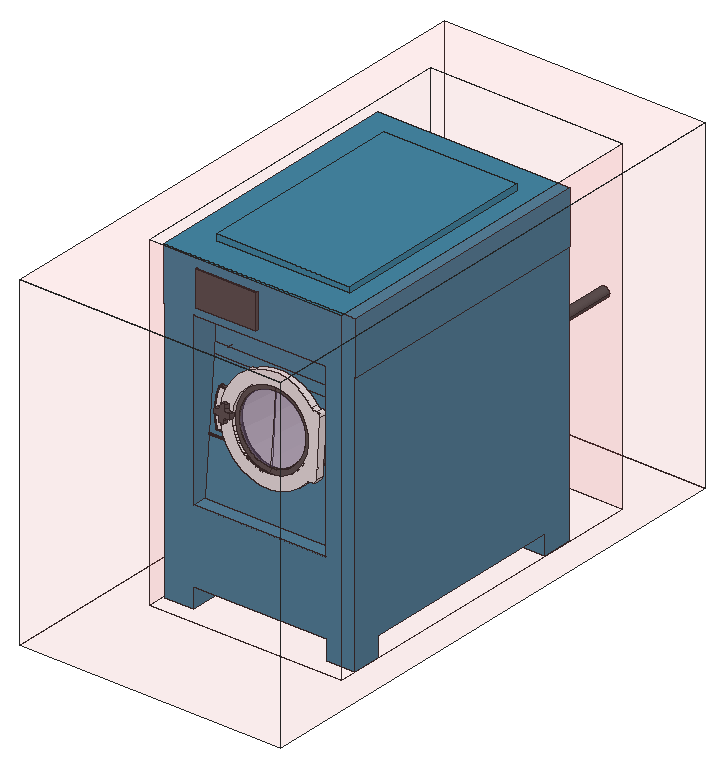
Revit family "Washer_Milnor_60lb-Capacity_MWF27", category Mechanical Equipment, Revit 2022
Family settings
  Round Connector Dimension = Use Diameter
  Part Type = Normal
  OmniClass Number = 23.45.70.11.14.11
  OmniClass Title = Washing Machines
  Work Plane-Based = Yes
  Always vertical = No
  Cut with Voids When Loaded = No
  Maintain Annotation Orientation = No
  Shared = No
  Room Calculation Point = No
Parameters (values of type "mwf27jab2014045d")
  doorgas = Door Opening + 0' 2 1/2"  # 1' - 6"
  Warranty Duration (Years) = 5
  Voltage_MEP = 44.5935 V
  Vibration Frequency = 0
  Unit Width = 3' - 3"
  Unit Weight = 1851
  Unit Height = 5' - 5 1/2"
  Unit Depth = 5' - 10 5/8"
  URL = "http://www.milnor.com/"
  Suspension Type = "Suspended"
  Standard Soap Chute = no
  Specification = "https://www.arcat.com/sd/clients/pellerin.html"
  SpecWizard = "https://www.arcat.com/specwizard/11110pmc/index04.htm"
  Send Message = "http://www.arcat.com/users.pl?action=UserEmail&company=Pellerin+Milnor+Corp.&coid=34740&rep=108&fax=504-468-3094&mf="
  Sales Information = "http://www.milnor.com/contact_us.aspx"
  Revision = "R1_08-2018"
  Product Properties = "https://www.arcat.com/arcatcos/cos34/arc34740.html"
  Product Data = "http://www.arcat.com/arcatcos/cos34/arc34740.html"
  Phase = 3
  Number of Poles = 1
  Model = "mwf27jab2014045d"
  Manufacturer Website = "http://www.milnor.com/"
  Manufacturer Phone - Toll Free = "800-469-8780"
  Manufacturer Phone = "504-467-9591"
  Manufacturer Fax = "504-468-3094"
  Manufacturer Address = "700 Jackson St.   Kenner, LA 70062"
  Manufacturer = "Pellerin Milnor Corp"
  Maintenance Schedule (Months) = 0
  MEP Amperage = 18.5 A
  Keynote = "11110"
  Interior Finish [instance] = Metal - Stainless Steel - Milnor - as Specified
  Installation-Fabrication = "https://www.arcat.com/catalogs/pellerin/pellerin.html"
  Installation Phase = ""
  Green Building-LEED = "https://www.arcat.com/green/green_building.shtml"
  Frequency = 60 Hz
  Extraction G-Force = "300 Gs"
  Expected Lifespan (Years) = 12
  Dynamic Load = 0.00 kip
  Drawn By = "Sumex Design, Inc. / Robert S. Weygant, CSI, CDT, SCIP"
  Door Opening = 1' - 3 1/2"
  Door Opening Depth = 1' - 5 3/4"
  Door Glazing [instance] = Glazing - Milnor - as Specified
  Door Finish [instance] = Metal - Stainless Steel - Milnor - Powder Coat as Specified
  Clearance Visible [instance] = yes
  Cabinet Front Doodads [instance] = Paint - Milnor - Black
  Description = "Milnor Commercial Washer Extractor"
  Default Elevation = 4' - 0"
  Cylinder Volume = 0.00 CF
  Cylinder Diameter = 2' - 6"
  Cylinder Depth = 1' - 10"
  Door Base from FF = 2' - 3 3/4"
  Copyright = "©Arcat Inc."
  Construction Details = "https://www.arcat.com/catalogs/pellerin/pellerin.html"
  Capacity = "60 lb"
  Cabinet Finish [instance] = Paint - Milnor - Blue
  Assembly Code = "E1010610"
  5 Compartment Supply = yes
Reference planes (in)
  plane 1 "Center (Front/Back)": y = 0
  plane 2 "Bottom": z = 0
  plane 3 "Center (Left/Right)": x = 0
  plane 4 "Front": y = -35.3125
  plane 5 "Back": y = 35.3125
  plane 6 "Left": x = -19.5
  plane 7 "Right": x = 19.5
  plane 8 "Top": z = 65.5
  plane 9: y = -53.0625
  plane 10: z = 27.75
  plane 11: y = 24.6875
  plane 12: x = -20.5
  plane 13: z = 78.98252
  plane 14: y = -28.3125
  plane 15: y = 2.95881
  plane 16: z = 70.35752
  plane 17: x = -15.875
  plane 18: x = 15.875
  plane 19: y = -25.35369
  plane 20: y = -4.58498
Forms (in)
  Extrusion 1, solid, material "Paint - Milnor - Blue" <- "Cabinet Finish"
    sketch origin (0, 0, 0) x (1, 0, 0) y (0, 0, 1)
      loop
        line (-19.5, 64.35752) -> (-19.5, 53.60752) -> (-19.1875, 53.60752) -> (-19.1875, 4) -> (19.1875, 4) -> (19.1875, 53.60752) -> (19.5, 53.60752) -> (19.5, 64.35752) -> (-19.5, 64.35752)
      loop
        line (-13.35373, 53.60752) -> (-13.35373, 19) -> (13.39627, 19) -> (13.39627, 53.60752) -> (-13.35373, 53.60752)
    from -21.95881 to 32.32761
  Extrusion 2, solid, material "Paint - Milnor - Blue" <- "Cabinet Finish"
    sketch origin (0, 0, 0) x (0, 1, 0) y (0, 0, 1)
      loop
        line (-30.5625, 6.82843) -> (21.95881, 6.82843) -> (21.95881, 15.82843) -> (21.19399, 15.82843) -> (21.19399, 53.60752) -> (-27.18521, 53.60752) -> (-27.18521, 46.47883)
        arc (-27.18521, 46.47883) -> (-27.20806, 45.43197) -> (-27.27654, 44.3871) r 24
        line (-27.27654, 44.3871) -> (-30.5625, 6.82843)
    from -15.22873 to 15.27127
  Extrusion 3, solid, material "Metal - Stainless Steel - Milnor - Powder Coat as Specified" <- "Door Finish"
    sketch origin (0, -30.5625, 6.82843) x (0, 0.087156, 0.996195) y (-1, 0, 0)
      loop
        circle (29.17799, 0) r 7.75
      loop
        arc (34.67948, -9.62729) -> (35.16456, -9.42637) -> (35.36549, -8.94129) r 0.68601
        line (35.36549, -8.94129) -> (35.36549, -8.65149)
        arc (35.36549, -8.65149) -> (35.47478, -8.19692) -> (35.77875, -7.84171) r 1
        arc (35.77875, -7.84171) -> (29.17799, 10.25) -> (22.57722, -7.84171) r 10.25
        arc (22.57722, -7.84171) -> (22.8812, -8.19692) -> (22.99049, -8.65149) r 1
        line (22.99049, -8.65149) -> (22.99049, -8.93979)
        arc (22.99049, -8.93979) -> (23.19185, -9.42593) -> (23.67799, -9.62729) r 0.6875
        line (23.67799, -9.62729) -> (34.67948, -9.62729)
    from 0 to 1.5
  Revolve 4, void
    sketch origin (0, 0, 0) x (0, 1, 0) y (0, 0, 1)
      loop
        line (-29.01567, 35.98254) -> (-5.35604, 33.91259) -> (-4.04871, 48.85551) -> (-25.96499, 50.77294) -> (-26.59687, 43.55053) -> (-28.34021, 43.70305) -> (-29.01567, 35.98254)
      axis (-29.01567, 35.98254) -> (-5.35604, 33.91259)
    angle from 0 to 360
  Extrusion 5, solid, material "Paint - Milnor - Black" <- "Cabinet Front Doodads"
    sketch origin (0, -32.32761, 0) x (1, 0, 0) y (0, 0, 1)
      loop
        line (-12.76387, 62.23611) -> (-12.76387, 55.23611) -> (-0.51387, 55.23611) -> (-0.51387, 62.23611) -> (-12.76387, 62.23611)
    from 0 to 0.33794
  Revolve 6, solid, material "Paint - Milnor - Black" <- "Cabinet Front Doodads"
    sketch origin (0, 0, 0) x (0, 1, 0) y (0, 0, 1)
      loop
        line (-27.84211, 43.65947) -> (-28.34021, 43.70305) -> (-28.42736, 42.70686) -> (-27.92927, 42.66328) -> (-27.84211, 43.65947)
      axis (-29.01567, 35.98254) -> (-28.51757, 35.93896)
    angle from 0 to 360
  Revolve 7, solid, material "Glazing - Milnor - as Specified" <- "Door Glazing"
    sketch origin (0, 0, 0) x (0, 1, 0) y (0, 0, 1)
      loop
        line (-28.51757, 35.93896) -> (-27.92927, 42.66328) -> (-28.30284, 42.69596) -> (-28.89114, 35.97165) -> (-28.51757, 35.93896)
      axis (-28.89114, 35.97165) -> (-28.51757, 35.93896)
    angle from 0 to 360
  Extrusion 8, solid, material "Paint - Milnor - Black"
    sketch origin (0, 0, 12) x (1, 0, 0) y (0, 0, 1)
      loop
        circle (15.8125, 26.25) r 0.375
      loop
        circle (15.8125, 22.125) r 0.375
      loop
        circle (15.8125, 18) r 0.375
      loop
        circle (15.8125, 13.875) r 0.375
      loop
        circle (15.8125, 8.875) r 0.375
    from -23.69767 to -21.19399
  Extrusion 9, solid, material "Paint - Milnor - Black"
    sketch origin (0, 0, 0) x (1, 0, 0) y (0, 0, 1)
      loop
        circle (-8, 10.6875) r 1.5
      loop
        circle (0, 37.95275) r 1.5
    from -23.69767 to -21.19399
  Extrusion 10, solid, material "Paint - Milnor - Black"
    sketch origin (0, 0, 12) x (1, 0, 0) y (0, 0, 1)
      loop
        circle (15.8125, 26.25) r 1
    from -35.3125 to -23.69767
  Extrusion 11, solid, material "Paint - Milnor - Black"
    sketch origin (0, 0, 0) x (1, 0, 0) y (0, 0, 1)
      loop
        circle (-17.625, 46.25) r 0.25
    from -21.95881 to -21.19399
  Extrusion 12, solid, material "Paint - Milnor - Black" <- "Cabinet Front Doodads", visible <- "5 Compartment Supply"
    sketch origin (0, 0, 0) x (0, 1, 0) y (0, 0, 1)
      loop
        line (-14.3125, 63.37839) -> (-14.3125, 55.37839) -> (2.25, 55.37839) -> (2.25, 63.37839) -> (-14.3125, 63.37839)
    from -19.5 to -19.68506
  Extrusion 13, solid, material "Paint - Milnor - Black" <- "Cabinet Front Doodads", visible <- "5 Compartment Supply"
    sketch origin (0, 3.55011, 1.0699) x (0, 1, 0) y (0, 0, 1)
      loop
        line (-11.8125, 61.16621) -> (-11.8125, 60.15664) -> (-7.35021, 60.15664) -> (-7.35021, 61.16621) -> (-11.8125, 61.16621)
    from -19.87858 to -19.68506
  Extrusion 14, solid, material "ARCAT Clearance", visible <- "Clearance Visible"
    sketch origin (-12.17672, -11.84008, 0) x (1, 0, 0) y (0, 1, 0)
      loop
        line (-15.26078, 60.65258) -> (-15.26078, -46.97242) -> (37.67672, -46.97242) -> (37.67672, 60.65258) -> (-15.26078, 60.65258)
      loop
        line (-7.32328, -24.00367) -> (31.67672, -24.00367) -> (31.67672, 47.15258) -> (-7.32328, 47.15258) -> (-7.32328, -24.00367)
    from 0 to 66.5
  Extrusion 15, solid, material "Paint - Milnor - Black"
    sketch origin (8.90408, -5.63596, 63.30195) x (-0.707107, 0.118069, 0.69718) y (-0.704416, -0.031688, -0.70908)
      loop
        line (-8.199, 34.28851) -> (-8.67775, 33.80976)
        arc (-8.67775, 33.80976) -> (-9.0313, 33.66332) -> (-9.38485, 33.80976) r 0.5
        line (-9.38485, 33.80976) -> (-9.8636, 34.28851)
        arc (-9.8636, 34.28851) -> (-10.26874, 33.98654) -> (-10.57071, 33.5814) r 1.75
        line (-10.57071, 33.5814) -> (-10.09196, 33.10266)
        arc (-10.09196, 33.10266) -> (-9.94551, 32.7491) -> (-10.09196, 32.39555) r 0.5
        line (-10.09196, 32.39555) -> (-10.57071, 31.9168)
        arc (-10.57071, 31.9168) -> (-10.26874, 31.51167) -> (-9.8636, 31.2097) r 1.75
        line (-9.8636, 31.2097) -> (-9.38485, 31.68844)
        arc (-9.38485, 31.68844) -> (-9.0313, 31.83489) -> (-8.67775, 31.68844) r 0.5
        line (-8.67775, 31.68844) -> (-8.199, 31.2097)
        arc (-8.199, 31.2097) -> (-7.79386, 31.51167) -> (-7.49189, 31.9168) r 1.75
        line (-7.49189, 31.9168) -> (-7.97064, 32.39555)
        arc (-7.97064, 32.39555) -> (-8.11709, 32.7491) -> (-7.97064, 33.10266) r 0.5
        line (-7.97064, 33.10266) -> (-7.49189, 33.5814)
        arc (-7.49189, 33.5814) -> (-7.79386, 33.98654) -> (-8.199, 34.28851) r 1.75
    from 22.02176 to 22.875
  Revolve 16, solid, material "Paint - Milnor - Black"
    sketch origin (0.5435, -30.0746, -0.55067) x (1, 0, 0) y (0, 0, 1)
      loop
        line (11.67473, 36.02686) -> (12.89396, 36.02686) -> (12.89396, 37.27686) -> (11.67473, 37.27686) -> (11.67473, 36.02686)
      axis (12.89396, 36.02686) -> (11.67473, 36.02686)
    angle from 0 to 360
  Extrusion 17, solid, material "Metal - Stainless Steel - Milnor - Powder Coat as Specified" <- "Door Finish"
    sketch origin (0, -2.64076, -2.32665) x (1, 0, 0) y (0, 0.081181, 0.996699)
      loop
        line (-9.60373, 32.23178) -> (-9.60373, 31.18742)
        arc (-9.60373, 31.18742) -> (-9.75017, 30.83387) -> (-10.10373, 30.68742) r 0.5
        line (-10.10373, 30.68742) -> (-13.35373, 30.68742) -> (-13.35373, 30.43742) -> (-10.10373, 30.43742)
        arc (-10.10373, 30.43742) -> (-9.5734, 30.65709) -> (-9.35373, 31.18742) r 0.75
        line (-9.35373, 31.18742) -> (-9.35373, 32.23178) -> (-9.60373, 32.23178)
    from 28.4349 to 28.664
  Extrusion 18, solid, material "Paint - Milnor - Black" <- "Cabinet Front Doodads"
    sketch origin (0.1258, -10.17811, 1.47739) x (1, 0, 0) y (0, 0.087156, 0.996195)
      loop
        line (-9.58301, 36.55903) -> (-11.18344, 36.55903)
        arc (-11.18344, 36.55903) -> (-11.33015, 36.51146) -> (-11.42102, 36.38685) r 0.25
        arc (-11.42102, 36.38685) -> (-12.00157, 32.7491) -> (-11.42102, 29.11136) r 11.68741
        arc (-11.42102, 29.11136) -> (-11.33015, 28.98675) -> (-11.18344, 28.93918) r 0.25
        line (-11.18344, 28.93918) -> (-9.58301, 28.93918)
        arc (-9.58301, 28.93918) -> (-9.60759, 29.0016) -> (-9.63177, 29.06418) r 10.3126
        line (-9.63177, 29.06418) -> (-11.18344, 29.06418)
        arc (-11.18344, 29.06418) -> (-11.2568, 29.08796) -> (-11.30223, 29.15027) r 0.125
        arc (-11.30223, 29.15027) -> (-11.87657, 32.7491) -> (-11.30223, 36.34794) r 11.56241
        arc (-11.30223, 36.34794) -> (-11.2568, 36.41025) -> (-11.18344, 36.43403) r 0.125
        line (-11.18344, 36.43403) -> (-9.63177, 36.43403)
        arc (-9.63177, 36.43403) -> (-9.60759, 36.49661) -> (-9.58301, 36.55903) r 10.3126
    from 20.77469 to 21.77823
  Extrusion 19, solid, material "Metal - Stainless Steel - Milnor - Powder Coat as Specified" <- "Door Finish"
    sketch origin (0.1258, -10.17811, 1.47739) x (1, 0, 0) y (0, 0.087156, 0.996195)
      loop
        line (-9.63177, 36.43403) -> (-11.18344, 36.43403)
        arc (-11.18344, 36.43403) -> (-11.2568, 36.41025) -> (-11.30223, 36.34794) r 0.125
        arc (-11.30223, 36.34794) -> (-11.87657, 32.7491) -> (-11.30223, 29.15027) r 11.56241
        arc (-11.30223, 29.15027) -> (-11.2568, 29.08796) -> (-11.18344, 29.06418) r 0.125
        line (-11.18344, 29.06418) -> (-9.63177, 29.06418)
        arc (-9.63177, 29.06418) -> (-10.3126, 32.7491) -> (-9.63177, 36.43403) r 10.3126
    from 20.77469 to 21.77823
  Extrusion 20, solid, material "Paint - Milnor - Blue" <- "Cabinet Finish"
    sketch origin (0, 0, 0) x (1, 0, 0) y (0, 1, 0)
      loop
        line (-13.5, -32.32761) -> (-13.5, -26.32761) -> (-19.1875, -26.32761) -> (-19.1875, -32.32761) -> (-13.5, -32.32761)
      loop
        line (13.5, -32.32761) -> (19.1875, -32.32761) -> (19.1875, -26.32761) -> (13.5, -26.32761) -> (13.5, -32.32761)
      loop
        line (-13.5, 21.95881) -> (-19.1875, 21.95881) -> (-19.1875, 15.95881) -> (-13.5, 15.95881) -> (-13.5, 21.95881)
      loop
        line (13.5, 21.95881) -> (13.5, 15.95881) -> (19.1875, 15.95881) -> (19.1875, 21.95881) -> (13.5, 21.95881)
    from 0 to 4
  Extrusion 21, solid, material "Paint - Milnor - Black" <- "Cabinet Front Doodads", visible <- "Standard Soap Chute"
    sketch origin (1.3125, 0, 0) x (0, 1, 0) y (0, 0, 1)
      loop
        line (-1.71125, 63.37839) -> (-1.71125, 55.37839) -> (6.28875, 55.37839) -> (6.28875, 63.37839) -> (-1.71125, 63.37839)
    from -20.8125 to -21.04456
  Extrusion 22, solid, material "Paint - Milnor - Black" <- "Cabinet Front Doodads", visible <- "Standard Soap Chute"
    sketch origin (1.3125, 0, 0) x (0, 1, 0) y (0, 0, 1)
      loop
        line (-0.8303, 62.30849) -> (-0.8303, 59.55849) -> (5.4197, 59.55849) -> (5.4197, 62.30849) -> (-0.8303, 62.30849)
    from -21.24259 to -21.04456
  Extrusion 23, solid, material "Paint - Milnor - Blue" <- "Cabinet Finish"
    sketch origin (0, 0, 0) x (1, 0, 0) y (0, 1, 0)
      loop
        line (-13.5, 15.95881) -> (-13.5, -26.32761) -> (13.5, -26.32761) -> (13.5, 15.95881) -> (-13.5, 15.95881)
    from 64.35752 to 65.5
Cuts and joins
  Revolve 4 cuts Extrusion 1
  Revolve 4 cuts Extrusion 2
  joined: Extrusion 1, Extrusion 2, Extrusion 20
  Revolve 4 cuts Extrusion 3
Lines and regions (in)
  symbolic lines, style "MechanicalEquipmentHiddenLines"
    curve 1: line (11.5, -53.0625, 0) -> (11.5, -31.0625, 0)
    curve 2: line (0, -32.8125, 61.73611) -> (0, -58.8125, 61.73611)
    curve 3: line (0, -58.8125, 61.73611) -> (0, -58.8125, 52.73611)
    curve 4: line (0, -58.8125, 52.73611) -> (0, -32.32761, 52.73611)
    curve 5: spline (0, -36.97355, 46.32551) -> (0, -40.70711, 46.97905) -> (0, -44.45902, 46.43981) -> (0, -47.85487, 44.76159) -> (0, -50.55581, 42.11186) -> (0, -52.29228, 38.75505) -> (0, -52.89103, 35.02612) -> (0, -52.29228, 31.29719) -> (0, -50.55581, 27.94038) -> (0, -47.85487, 25.29065) -> (0, -44.45902, 23.61243) -> (0, -40.70711, 23.07319) -> (0, -36.97355, 23.72673)
    curve 6: line (0, -28.01947, 43.24473) -> (0, -36.97355, 46.32551)
    curve 7: line (0, -28.01947, 27.67678) -> (0, -36.97355, 23.596)
    curve 8: spline (0, -40.89103, 27.30561) -> (0, -42.89688, 27.56868) -> (0, -44.76603, 28.33996) -> (0, -46.37111, 29.5669) -> (0, -47.60272, 31.16586) -> (0, -48.37695, 33.0279) -> (0, -48.64103, 35.02612) -> (0, -48.37695, 37.02433) -> (0, -47.60272, 38.88637) -> (0, -46.37111, 40.48534) -> (0, -44.76603, 41.71228) -> (0, -42.89688, 42.48356) -> (0, -40.89103, 42.74663)
    curve 9: spline (0, -40.89103, 42.74663) -> (0, -38.88518, 42.48356) -> (0, -37.01603, 41.71228) -> (0, -35.41095, 40.48534) -> (0, -34.17933, 38.88637) -> (0, -33.4051, 37.02433) -> (0, -33.14103, 35.02612) -> (0, -33.4051, 33.0279) -> (0, -34.17933, 31.16586) -> (0, -35.41095, 29.5669) -> (0, -37.01603, 28.33996) -> (0, -38.88518, 27.56868) -> (0, -40.89103, 27.30561)
    curve 10: line (0, 48.8125, 44) -> (0, 48.8125, 61)
    curve 11: line (0, 48.8125, 61) -> (0, 21.95881, 61)
    curve 12: line (0, 48.8125, 44) -> (0, 21.95881, 44)
    curve 13: arc (11.5, -53.0625, 0) -> (-6, -45.81376, 0) -> (-13.24874, -28.31376, 0) r 24.74874
    curve 14: line (-11.4375, 21.19399, 0) -> (-11.4375, 48.8125, 0)
    curve 15: arc (-11.4375, 48.8125, 0) -> (7.65438, 40.90438, 0) -> (15.5625, 21.8125, 0) r 27
Dimensions and locks (in)
  equal spacing: plane 6 "Left", plane 3 "Center (Left/Right)", plane 7 "Right"
  "Unit Width": plane 6 "Left" to plane 7 "Right"
  equal spacing: plane 5 "Back", plane 1 "Center (Front/Back)", plane 4 "Front"
  "Unit Depth": plane 5 "Back" to plane 4 "Front"
  "Unit Height": plane 8 "Top" to level
  "Door Opening Depth": plane 4 "Front" to plane 9
  "Door Base from FF": plane 10 to level
  Extrusion 8 sketch curve to level = 3' - 2 1/4"
  Extrusion 8 sketch curve to level = 2' - 10 1/8"
  Extrusion 8 sketch curve to level = 2' - 6"
  plane 3 "Center (Left/Right)" to Extrusion 11 sketch curve = 1' - 5 5/8"
  Extrusion 11 sketch curve to level = 3' - 10 1/4"
  locked: plane 14 to plane 4 "Front" at 7
  locked: plane 11 to plane 15 at 21.72869
  locked: plane 17 to plane 6 "Left" at 3.625
  locked: plane 18 to plane 7 "Right" at 3.625
  locked: plane 13 to plane 16 at 8.625
  locked: plane 16 to cut or joined group of Extrusion 1, Extrusion 2, Revolve 4, Extrusion 20 at 6
  locked: plane 19 to plane 14 at 2.95881
  locked: plane 15 to plane 20 at 7.54378
  Extrusion 20 to curve 3 = 2' - 2.48489"
  aligned and locked: plane 5 "Back" to Extrusion 14 sketch curve
  aligned and locked: Extrusion 20 to level
  aligned and locked: plane 6 "Left" to Extrusion 12
Automatic sketch dimensions
  curve 1 to plane 9 = 0' - 0"
  curve 15 to plane 17 = 0' - 4 7/16"
  curve 13 to plane 14 = 0' - 0.00126"
  curve 13 to plane 18 = 0' - 4 3/8"
  plane 11 to curve 15 = 0' - 2 7/8"
  plane 5 "Back" to curve 14 = 1' - 1 1/2"
  curve 1 to curve 13 = 0' - 2.74874"
  curve 14 to curve 15 = 0' - 0.61851"
  curve 6 to plane 4 "Front" = 0' - 1.66105"
  plane 5 "Back" to curve 10 = 1' - 1 1/2"
  curve 12 to plane 10 = 1' - 4 1/4"
  curve 6 to plane 10 = 1' - 6.57551"
  curve 4 to plane 8 "Top" = 1' - 0.76389"
  curve 10 to plane 8 "Top" = 0' - 4 1/2"
  curve 3 to plane 8 "Top" = 0' - 3.76389"
  plane 9 to curve 5 = 0' - 0.17147"
  curve 5 to curve 9 = 0' - 4 1/4"
  curve 8 to curve 9 = 0' - 0"
  curve 8 to curve 6 = 0' - 3.91747"
  curve 5 to curve 9 = 0' - 0"
  curve 7 to plane 4 "Front" = 0' - 1.66105"
  curve 5 to curve 7 = 0' - 0"
  plane 4 "Front" to curve 2 = 0' - 2 1/2"
  plane 4 "Front" to curve 4 = 0' - 2.98489"
  plane 14 to curve 6 = 0' - 0.29303"
  plane 10 to curve 7 = 0' - 0.07322"
  plane 14 to curve 7 = 0' - 0.29303"
  plane 11 to curve 11 = 0' - 2.72869"
  plane 11 to curve 12 = 0' - 2.72869"
  curve 6 to curve 5 = 0' - 3.08078"
  curve 8 to curve 6 = 0' - 3.57888"
  curve 8 to plane 10 = 0' - 7.27612"
  curve 5 to curve 8 = 0' - 0"
  curve 7 to curve 5 = 0' - 0.13073"
  Extrusion 1 sketch curve to plane 6 "Left" = 0' - 0"
  Extrusion 1 sketch curve to plane 7 "Right" = 0' - 0"
  plane 6 "Left" to Extrusion 1 sketch curve = 0' - 0 5/16"
  Extrusion 1 sketch curve to plane 17 = 0' - 2.52127"
  Extrusion 1 sketch curve to plane 18 = 0' - 2.47873"
  Extrusion 1 sketch curve to plane 7 "Right" = 0' - 0 5/16"
  level to Extrusion 1 sketch curve = 0' - 4"
  plane 10 to Extrusion 1 sketch curve = 0' - 8 3/4"
  Extrusion 1 sketch curve to plane 8 "Top" = 0' - 11.89248"  (x2)
  Extrusion 1 sketch curve to Extrusion 1 sketch curve = 0' - 0"
  Extrusion 1 sketch curve to plane 8 "Top" = 0' - 1.14248"
  plane 9 to Extrusion 2 sketch curve = 0' - 1.87729"
  Extrusion 2 sketch curve to plane 14 = 0' - 2 1/4"
  plane 14 to Extrusion 2 sketch curve = 0' - 1.03596"
  plane 14 to Extrusion 2 sketch curve = 0' - 1.12729"
  plane 11 to Extrusion 2 sketch curve = 0' - 3.49351"
  Extrusion 2 sketch curve to Extrusion 2 sketch curve = 0' - 0.76482"
  level to Extrusion 2 sketch curve = 0' - 6.82843"
  Extrusion 2 sketch curve to Extrusion 2 sketch curve = 0' - 9"
  Extrusion 2 sketch curve to plane 10 = 1' - 4.6371"
  Extrusion 2 sketch curve to plane 8 "Top" = 0' - 11.89248"
  Extrusion 3 sketch curve to Extrusion 3 sketch curve = 0' - 0"  (x2)
  Extrusion 2 to Extrusion 3 sketch curve = 0' - 6.61978"  (x2)
  Extrusion 3 sketch curve to Extrusion 2 = 1' - 3.71165"
  Extrusion 3 sketch curve to Extrusion 3 sketch curve = 0' - 1"  (x2)
  Extrusion 3 sketch curve to Extrusion 3 sketch curve = 0' - 0 11/16"
  Extrusion 3 sketch curve to Extrusion 2 = 0' - 8.52415"
  Extrusion 3 sketch curve to Extrusion 2 = 0' - 3.02265"
  Extrusion 3 sketch curve to Extrusion 3 sketch curve = 0' - 0.68601"
  Extrusion 3 sketch curve to Extrusion 3 sketch curve = 0' - 0.28831"
  Extrusion 3 sketch curve to Extrusion 3 sketch curve = 0' - 8.93979"
  Extrusion 3 sketch curve to Extrusion 3 sketch curve = 0' - 0.41327"
  Revolve 4 sketch curve to plane 14 = 0' - 0.70317"
  Revolve 4 sketch curve to plane 14 = 0' - 0.02771"
  Revolve 4 sketch curve to plane 19 = 0' - 1.24318"
  Revolve 4 sketch curve to plane 19 = 0' - 0.6113"
  Revolve 4 sketch curve to plane 20 = 0' - 0.77106"
  Revolve 4 sketch curve to plane 10 = 0' - 6.16259"
  Revolve 4 sketch curve to Revolve 4 sketch curve = 0' - 2.06995"
  plane 14 to Revolve 4 sketch curve = 0' - 0.29303"
  Revolve 4 sketch curve to Revolve 4 sketch curve = 0' - 0.24905"
  Revolve 4 sketch curve to Revolve 4 sketch curve = 0' - 0.02179"
  Revolve 4 sketch curve to Revolve 4 sketch curve = 0' - 0.08716"
  Extrusion 1 to Extrusion 5 sketch curve = 0' - 0 151/256"
  Extrusion 5 sketch curve to Extrusion 1 = 0' - 1.62859"
  Extrusion 5 sketch curve to Extrusion 5 sketch curve = 1' - 0 1/4"
  Extrusion 5 sketch curve to Extrusion 1 = 0' - 2.12141"
  Revolve 6 sketch curve to plane 14 = 0' - 0.11486"
  Revolve 6 sketch curve to plane 14 = 0' - 0.02771"
  plane 14 to Revolve 6 sketch curve = 0' - 0.38323"
  Revolve 6 sketch curve to plane 10 = 1' - 2.91328"
  Revolve 6 sketch curve to Revolve 6 sketch curve = 0' - 0.04358"
  plane 14 to Revolve 6 sketch curve = 0' - 0.29303"
  plane 19 to Revolve 6 sketch curve = 0' - 7.04712"
  Revolve 6 sketch curve to Revolve 6 sketch curve = 0' - 6.76789"
  Revolve 6 sketch curve to plane 10 = 0' - 7.29562"
  Revolve 7 sketch curve to plane 14 = 0' - 0.57864"
  Revolve 7 sketch curve to plane 14 = 0' - 0.20507"
  plane 14 to Revolve 7 sketch curve = 0' - 0.00966"
  Revolve 7 sketch curve to plane 10 = 0' - 8.18896"
  Revolve 7 sketch curve to Revolve 7 sketch curve = 0' - 0.03268"
  Revolve 7 sketch curve to Revolve 7 sketch curve = 0' - 0"  (x2)
  plane 19 to Revolve 7 sketch curve = 0' - 4.05854"
  Revolve 7 sketch curve to Revolve 7 sketch curve = 0' - 0.63188"
  Extrusion 8 sketch curve to plane 18 = 0' - 0 1/16"  (x5)
  plane 10 to Extrusion 8 sketch curve = 0' - 1 7/8"
  Extrusion 8 sketch curve to Extrusion 8 sketch curve = 0' - 5"
  Extrusion 9 sketch curve to plane 3 "Center (Left/Right)" = 0' - 0"
  Extrusion 9 sketch curve to plane 17 = 0' - 7 7/8"
  level to Extrusion 9 sketch curve = 0' - 10 11/16"
  Extrusion 9 sketch curve to plane 10 = 0' - 10.20275"
  Extrusion 10 sketch curve to plane 18 = 0' - 0 1/16"
  Extrusion 10 sketch curve to plane 10 = 0' - 10 1/2"
  Extrusion 12 sketch curve to plane 20 = 0' - 9.72752"
  Extrusion 12 sketch curve to plane 15 = 0' - 0.70881"
  Extrusion 12 sketch curve to plane 8 "Top" = 0' - 10.12161"
  Extrusion 12 sketch curve to plane 8 "Top" = 0' - 2.12161"
  Extrusion 13 sketch curve to plane 20 = 0' - 3.67742"
  plane 20 to Extrusion 13 sketch curve = 0' - 0.78487"
  Extrusion 13 sketch curve to plane 8 "Top" = 0' - 4.27346"
  Extrusion 13 sketch curve to Extrusion 13 sketch curve = 0' - 1.00957"
  Extrusion 14 sketch curve to plane 6 "Left" = 0' - 0"
  Extrusion 14 sketch curve to plane 7 "Right" = 0' - 0"
  plane 12 to Extrusion 14 sketch curve = 0' - 6 15/16"
  plane 7 "Right" to Extrusion 14 sketch curve = 0' - 6"
  Extrusion 14 sketch curve to plane 4 "Front" = 0' - 0 17/32"
  Extrusion 14 sketch curve to plane 9 = 0' - 5 3/4"
  plane 5 "Back" to Extrusion 14 sketch curve = 1' - 1 1/2"
  Extrusion 15 sketch curve to Extrusion 15 sketch curve = 0' - 0"  (x15)
  Extrusion 15 sketch curve to Extrusion 15 sketch curve = 0' - 0.12519"  (x2)
  Extrusion 15 sketch curve to Extrusion 15 sketch curve = 0' - 0.35355"  (x12)
  Extrusion 15 sketch curve to Extrusion 15 sketch curve = 0' - 0.70711"  (x4)
  Extrusion 15 sketch curve to Extrusion 15 sketch curve = 0' - 0.47875"  (x11)
  Revolve 16 sketch curve to plane 18 = 0' - 3.65677"
  Revolve 16 sketch curve to Revolve 16 sketch curve = 0' - 1.21922"
  Revolve 16 sketch curve to plane 10 = 0' - 7.7262"
  Revolve 16 sketch curve to Revolve 16 sketch curve = 0' - 1 1/4"
  Revolve 16 sketch curve to Revolve 16 sketch curve = 0' - 0.24769"
  Revolve 16 sketch curve to Revolve 16 sketch curve = 0' - 0.50231"
  Revolve 16 sketch curve to Revolve 16 sketch curve = 0' - 0"
  Extrusion 17 sketch curve to Extrusion 17 sketch curve = 0' - 0"  (x2)
  Extrusion 17 sketch curve to plane 17 = 0' - 2.52127"
  Extrusion 17 sketch curve to Extrusion 17 sketch curve = 0' - 3 1/4"
  Extrusion 17 sketch curve to Extrusion 17 sketch curve = 0' - 0 1/2"
  Extrusion 17 sketch curve to Extrusion 17 sketch curve = 0' - 0 1/4"
  Extrusion 17 sketch curve to Extrusion 17 sketch curve = 0' - 1.04436"
  Extrusion 18 sketch curve to Extrusion 18 sketch curve = 0' - 0"  (x11)
  Extrusion 18 sketch curve to plane 17 = 0' - 4.81736"  (x2)
  Extrusion 18 sketch curve to Extrusion 18 sketch curve = 0' - 1.55167"  (x2)
  Extrusion 18 sketch curve to Extrusion 18 sketch curve = 0' - 0.04876"  (x2)
  Extrusion 18 sketch curve to plane 3 "Center (Left/Right)" = 0' - 0.18837"
  plane 3 "Center (Left/Right)" to Extrusion 18 sketch curve = 0' - 0.1258"
  Extrusion 18 sketch curve to Extrusion 18 sketch curve = 0' - 0 1/8"  (x3)
  Extrusion 18 sketch curve to Extrusion 18 sketch curve = 0' - 7.11986"
  Extrusion 19 sketch curve to plane 17 = 0' - 4.81736"  (x2)
  Extrusion 19 sketch curve to Extrusion 19 sketch curve = 0' - 1.55167"  (x2)
  Extrusion 19 sketch curve to plane 3 "Center (Left/Right)" = 0' - 0.18837"
  plane 3 "Center (Left/Right)" to Extrusion 19 sketch curve = 0' - 0.1258"
  Extrusion 19 sketch curve to Extrusion 19 sketch curve = 0' - 0 1/8"  (x2)
  Extrusion 19 sketch curve to Extrusion 19 sketch curve = 0' - 3.68493"
  Extrusion 19 sketch curve to Extrusion 19 sketch curve = 0' - 0"  (x2)
  plane 6 "Left" to Extrusion 20 sketch curve = 0' - 0 5/16"  (x2)
  Extrusion 20 sketch curve to plane 17 = 0' - 2 3/8"  (x2)
  Extrusion 20 sketch curve to plane 18 = 0' - 2 3/8"  (x2)
  Extrusion 20 sketch curve to plane 19 = 0' - 0.97392"  (x2)
  Extrusion 20 sketch curve to plane 7 "Right" = 0' - 0 5/16"  (x2)
  plane 4 "Front" to Extrusion 20 sketch curve = 0' - 2.98489"  (x2)
  plane 11 to Extrusion 20 sketch curve = 0' - 8.72869"  (x2)
  plane 11 to Extrusion 20 sketch curve = 0' - 2.72869"  (x2)
  plane 1 "Center (Front/Back)" to Extrusion 21 sketch curve = 0' - 1.71125"
  plane 15 to Extrusion 21 sketch curve = 0' - 3.32994"
  Extrusion 21 sketch curve to plane 8 "Top" = 0' - 10.12161"
  Extrusion 21 sketch curve to plane 8 "Top" = 0' - 2.12161"
  plane 1 "Center (Front/Back)" to Extrusion 22 sketch curve = 0' - 0.8303"
  plane 15 to Extrusion 22 sketch curve = 0' - 2.46089"
  Extrusion 22 sketch curve to plane 8 "Top" = 0' - 5.94151"
  Extrusion 22 sketch curve to Extrusion 22 sketch curve = 0' - 2 3/4"
  plane 6 "Left" to Extrusion 23 sketch curve = 0' - 6"
  Extrusion 23 sketch curve to plane 7 "Right" = 0' - 6"
  Extrusion 23 sketch curve to plane 19 = 0' - 0.97392"
  plane 11 to Extrusion 23 sketch curve = 0' - 8.72869"
  radius of Extrusion 3 sketch curve = 0' - 7 3/4"
  radius of Extrusion 8 sketch curve = 0' - 0 3/8"  (x5)
  radius of Extrusion 9 sketch curve = 0' - 1 1/2"  (x2)
  radius of Extrusion 10 sketch curve = 0' - 1"
  radius of Extrusion 11 sketch curve = 0' - 0 1/4"
Connectors (in)
  piping at (-8, 23.69767, 10.6875), diameter 3
    settings: on Extrusion 9, index 1, connector inside diameter 3", connector length 0' - 0", flow factor 0, pipe flow 0 GPM, pressure drop 0.00 psi, fitting loss kfactor 0, connector angle 0.00°, fixture units 0, engagement length 0' - 0", angle of deflection 0.00°, flow configuration 0, flow direction 2, fitting loss method 0, system type 16, joint type 0, gender type 0, connector reference index -1, connector utility 0, adjustable connector no, is connector primary yes, connector description "Drain"
  piping at (15.8125, 35.3125, 38.25), diameter 0.75
    settings: on Extrusion 10, index 2, connector inside diameter 3/4", connector length 0' - 0", flow factor 0, pipe flow 0 GPM, pressure drop 0.00 psi, fitting loss kfactor 0, connector angle 0.00°, fixture units 0, engagement length 0' - 0", angle of deflection 0.00°, flow configuration 0, flow direction 1, fitting loss method 0, system type 19, joint type 0, gender type 0, connector reference index -1, connector utility 0, adjustable connector no, is connector primary no, connector description "DHW Chemical Flush"
  piping at (15.8125, 23.69767, 34.125), diameter 0.75
    settings: on Extrusion 8, index 3, connector inside diameter 3/4", connector length 0' - 0", flow factor 0, pipe flow 0 GPM, pressure drop 0.00 psi, fitting loss kfactor 0, connector angle 0.00°, fixture units 0, engagement length 0' - 0", angle of deflection 0.00°, flow configuration 0, flow direction 1, fitting loss method 0, system type 19, joint type 0, gender type 0, connector reference index -1, connector utility 0, adjustable connector no, is connector primary no, connector description "DHW Inlet"
  piping at (15.8125, 23.69767, 30), diameter 0.75
    settings: on Extrusion 8, index 4, connector inside diameter 3/4", connector length 0' - 0", flow factor 0, pipe flow 0 GPM, pressure drop 0.00 psi, fitting loss kfactor 0, connector angle 0.00°, fixture units 0, engagement length 0' - 0", angle of deflection 0.00°, flow configuration 0, flow direction 1, fitting loss method 0, system type 20, joint type 0, gender type 0, connector reference index -1, connector utility 0, adjustable connector no, is connector primary no, connector description "DCW Inlet"
  electrical at (-17.625, 21.95881, 46.25)
    settings: on Extrusion 11, index 5, voltage 0 V, apparent load 0 VA, apparent load phase1 0 VA, apparent load phase2 0 VA, apparent load phase3 0 VA, power factor 1, load classification "Other", number of poles 1, system type 31, power factor state 1, is connector primary yes, connector utility no, sub classification motor no, connector description ""
  piping at (15.8125, 23.69767, 25.875), diameter 0.75
    settings: on Extrusion 8, index 6, connector inside diameter 24", connector length 0' - 0", flow factor 0, pipe flow 0 GPM, pressure drop 0.00 psi, fitting loss kfactor 0, connector angle 0.00°, fixture units 0, engagement length 0' - 0", angle of deflection 0.00°, flow configuration 0, flow direction 1, fitting loss method 0, system type 22, joint type 0, gender type 0, connector reference index -1, connector utility 0, adjustable connector no, is connector primary no, connector description ""
  piping at (15.8125, 23.69767, 20.875), diameter 0.75
    settings: on Extrusion 8, index 7, connector inside diameter 24", connector length 0' - 0", flow factor 0, pipe flow 0 GPM, pressure drop 0.00 psi, fitting loss kfactor 0, connector angle 0.00°, fixture units 0, engagement length 0' - 0", angle of deflection 0.00°, flow configuration 0, flow direction 1, fitting loss method 0, system type 7, joint type 0, gender type 0, connector reference index -1, connector utility 0, adjustable connector no, is connector primary no, connector description ""
  piping at (0, 23.69767, 37.95275), diameter 3
    settings: on Extrusion 9, index 8, connector inside diameter 24", connector length 0' - 0", flow factor 0, pipe flow 0 GPM, pressure drop 0.00 psi, fitting loss kfactor 0, connector angle 0.00°, fixture units 0, engagement length 0' - 0", angle of deflection 0.00°, flow configuration 0, flow direction 2, fitting loss method 0, system type 17, joint type 0, gender type 0, connector reference index -1, connector utility 0, adjustable connector no, is connector primary no, connector description ""
